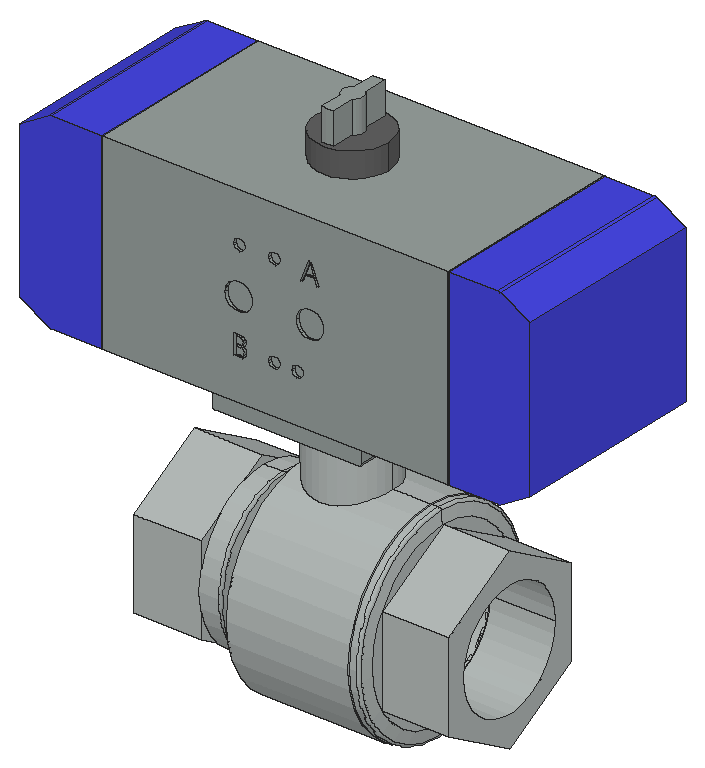
Revit family "QD34860000", category Apparecchi idraulici, Revit 2020
Family settings
  Quota connettore circolare = Usa diametro
  Tipo di parte = Normale
  Numero OmniClass = 23.45.00.00
  Titolo OmniClass = Sanitary, Laundry, and Cleaning Equipment
  Basato su piano di lavoro = No
  Sempre verticale = Sì
  Taglio con vuoti quando caricato = No
  Condiviso = No
  Punto di calcolo locali = No
Parameters
  URL = "https://web.cimberio.it/index.php/figura/1465?subcategoria_id=101"
  Temperatura di esercizio = "-20 ÷ 150°C"
  Prospetto di default = 0 mm
  Produttore = "CIMBERIO SPA"
  Pressione nominale = "PN 32"
  Modello = "Cim 871PDE006"
  Materiale = "Prodotto in lega di ottone conforme alla norma EN 12165-CW617N-DW"
  Descrizione = "Utilizzato nei più svariati settori dell'impiantistica: impianti di riscaldamento, condizionamento, idrici, igienico-sanitari, aria compressa e in generale con ogni fluido non corrosivo.\r\nParticolarmente indicato come valvola di zona per la regolazione e contabilizzazione di impianti di riscaldamento singoli o a zone, impianti con utilizzazione di energie alternative, impianti con fluidi caldi o freddi e impianti di automazione in genere."
  DN Model [instance] = QD34861040 : QD34861040
  DN [instance] = 40 mm
  Commenti sul tipo = "Realizzato in ottemperanza ai requisiti gestionali della norma EN ISO 9001.\r\nCollaudato al 100% secondo la normativa EN 12266-1"
Reference planes
  plane 1 "Centro (Fronte/Retro)": y = 0
  plane 2: z = 0
  plane 3 "Centro (Sinistra/Destra)": x = 0
Dimensions and locks
  aligned and locked: level to plane 2
Nested families
  nested 1: "QD34861040" at (0, 0, 0), type <- "DN Model", type "QD34861040"
  nested 2: "QD34861040" at (0, 0, 0), type <- "DN Model", type "QD34861040"
Connectors
  piping at (54, 0, 0), diameter 40, driven by "DN"
    settings: on nested 1, index 1, connector inside diameter 609.6 mm, connector length 0 mm, flow factor 0, pipe flow 0.0 L/s, pressure drop 0.0 Pa, fitting loss kfactor 0, connector angle 0.00°, fixture units 0, engagement length 0 mm, angle of deflection 0.00°, flow configuration 0, flow direction 0, fitting loss method 0, system type 7, joint type 0, gender type 0, connector reference index -1, connector utility 0, adjustable connector no, is connector primary yes, connector description ""
  piping at (-54, 0, 0), diameter 40, driven by "DN"
    settings: on nested 1, index 2, connector inside diameter 609.6 mm, connector length 0 mm, flow factor 0, pipe flow 0.0 L/s, pressure drop 0.0 Pa, fitting loss kfactor 0, connector angle 0.00°, fixture units 0, engagement length 0 mm, angle of deflection 0.00°, flow configuration 0, flow direction 0, fitting loss method 0, system type 7, joint type 0, gender type 0, connector reference index -1, connector utility 0, adjustable connector no, is connector primary no, connector description ""
Definition of nested family "QD34861040"
  Parameters (values of type "QD34861040")
    URL = "https://web.cimberio.it/index.php/figura/394?subcategoria_id="
    Temperatura di esercizio = "-10 ÷ 95°C"
    Default Elevation = 0 mm
    Manufacturer = "CIMBERIO SPA"
    Pressione nominale = "PN 16"
    Model = "Cim 32"
    Materiale = "Prodotto in lega di ottone conforme alla norma EN 12165-CW617N-DW"
    Description = "Impiegato nei più svariati settori dell'impiantistica in condutture anti-ritorno per: reti di distribuzione acqua potabile, impianti di riscaldamento, condizionamento, igienico-sanitari e in generale con ogni fluido non corrosivo."
    DN [instance] = 50 mm
    Type Comments = "Realizzato in ottemperanza ai requisiti gestionali della norma EN ISO 9001.\r\nCollaudato al 100% secondo la normativa EN 12266-1"
  Reference planes
    plane 1 "Centro (Fronte/Retro)": y = 0
    plane 2: z = 0
    plane 3 "Centro (Sinistra/Destra)": x = 0
  Forms (mm)
    Extrusion 1, solid
      sketch origin (0, 0, 43.8) x (1, 0, 0) y (0, 0, 1)
        loop
          line (-19.447, 41) -> (-19.447, 34.337)
          spline (-19.447, 34.337) -> (-19.438, 34.206) -> (-19.413, 34.078) -> (-19.371, 33.954) -> (-19.313, 33.837) -> (-19.24, 33.728) -> (-19.154, 33.63) -> (-19.056, 33.543) -> (-18.947, 33.471) -> (-18.83, 33.413) -> (-18.706, 33.371) -> (-18.578, 33.345) -> (-18.447, 33.337)
          line (-18.447, 33.337) -> (-15.923, 33.337) -> (16.973, 33.337) -> (18.447, 33.337)
          spline (18.447, 33.337) -> (18.578, 33.345) -> (18.706, 33.371) -> (18.83, 33.413) -> (18.947, 33.471) -> (19.056, 33.543) -> (19.154, 33.63) -> (19.24, 33.728) -> (19.313, 33.837) -> (19.371, 33.954) -> (19.413, 34.078) -> (19.438, 34.206) -> (19.447, 34.337)
          line (19.447, 34.337) -> (19.447, 41) -> (-19.447, 41)
      from 12 to -12
    Revolve 2, solid
      sketch origin (51.589, 0, -3.5) x (-1, 0, 0) y (0, 0, -1)
        loop
          line (82.189, 16.5) -> (82.189, 24) -> (75.632, 24)
          arc (75.632, 24) -> (74.484, 24.228) -> (73.51, 24.879) r 3
          line (73.51, 24.879) -> (66.389, 32) -> (24.589, 32) -> (24.589, 16.5) -> (82.189, 16.5)
        axis (82.189, -3.5) -> (24.589, -3.5)
      angle from 0 to 360
    Revolve 3, solid
      sketch origin (51.589, 0, -3.5) x (-1, 0, 0) y (0, 0, -1)
        loop
          line (20.371, 26.85) -> (20.371, 16.5) -> (24.589, 16.5) -> (24.589, 31.75) -> (22.074, 31.75)
          arc (22.074, 31.75) -> (21.431, 31.516) -> (21.089, 30.924) r 1
          line (21.089, 30.924) -> (20.371, 26.85)
        axis (24.589, -3.5) -> (20.371, -3.5)
      angle from 0 to 360
    Extrusion 4, solid
      sketch origin (-30.6, 0, 0) x (0, 1, 0) y (0, 0, -1)
        loop
          circle (0, 0) r 20
        loop
          line (0, -30.35) -> (26.284, -15.175) -> (26.284, 15.175) -> (0, 30.35) -> (-26.284, 15.175) -> (-26.284, -15.175) -> (0, -30.35)
      from 0 to 23.4
    Revolve 5, solid
      sketch origin (0, 0, 0) x (1, 0, 0) y (0, 0, 1)
        loop
          line (0, 62.195) -> (-14, 62.195) -> (-14, 20.882) -> (0, 20.882) -> (0, 62.195)
        axis (0, 62.195) -> (0, 20.882)
      angle from 0 to 360
    Extrusion 6, solid
      sketch origin (0, 0, 143.339) x (1, 0, 0) y (0, 1, 0)
        loop
          line (-59.387, 33.721) -> (-59.387, -33.279) -> (59.613, -33.279) -> (59.613, 33.721) -> (-59.387, 33.721)
      from -76.039 to -10.539
    Extrusion 7, solid
      sketch origin (0, 0, 35.8) x (1, 0, 0) y (0, 0, 1)
        loop
          line (-25.604, 41) -> (-25.604, 23.627)
          spline (-25.604, 23.627) -> (-25.595, 23.497) -> (-25.57, 23.369) -> (-25.528, 23.245) -> (-25.471, 23.128) -> (-25.399, 23.02) -> (-25.313, 22.922) -> (-25.215, 22.835) -> (-25.107, 22.763) -> (-24.99, 22.705) -> (-24.867, 22.662) -> (-24.74, 22.636) -> (-24.61, 22.627)
          line (-24.61, 22.627) -> (24.599, 22.627)
          spline (24.599, 22.627) -> (24.73, 22.635) -> (24.859, 22.66) -> (24.983, 22.702) -> (25.101, 22.759) -> (25.21, 22.832) -> (25.309, 22.918) -> (25.396, 23.016) -> (25.469, 23.125) -> (25.527, 23.243) -> (25.569, 23.367) -> (25.595, 23.496) -> (25.604, 23.627)
          line (25.604, 23.627) -> (25.604, 41) -> (-25.604, 41)
      from 28 to -33.067
    Extrusion 8, void
      sketch origin (35.5, -24.5, 143.964) x (1, 0, 0) y (0, 0, -1)
        loop
          line (-49.62, 62.638) -> (-49.62, 55.638) -> (-46.999, 55.638)
          arc (-46.999, 55.638) -> (-45.223, 56.862) -> (-45.734, 58.958) r 1.901
          arc (-45.734, 58.958) -> (-45.048, 61.248) -> (-46.992, 62.638) r 2.055
          line (-46.992, 62.638) -> (-49.62, 62.638)
        loop
          line (-48.633, 59.407) -> (-47.09, 59.407)
          arc (-47.09, 59.407) -> (-45.879, 60.619) -> (-47.09, 61.83) r 1.212
          line (-47.09, 61.83) -> (-48.633, 61.83) -> (-48.633, 59.407)
        loop
          line (-48.633, 56.445) -> (-47.299, 56.445)
          arc (-47.299, 56.445) -> (-46.222, 57.522) -> (-47.299, 58.599) r 1.077
          line (-47.299, 58.599) -> (-48.633, 58.599) -> (-48.633, 56.445)
        loop
          line (-23.79, 24.669) -> (-22.677, 24.669) -> (-19.897, 31.669) -> (-20.945, 31.669) -> (-21.741, 29.515) -> (-24.725, 29.515) -> (-25.522, 31.669) -> (-26.569, 31.669) -> (-23.79, 24.669)
        loop
          line (-22.039, 28.707) -> (-24.428, 28.707) -> (-23.233, 25.476) -> (-22.039, 28.707)
        loop
          circle (-47.5, 28.039) r 2
        loop
          circle (-35.5, 28.039) r 2
        loop
          circle (-47.75, 44.039) r 4.75
        loop
          circle (-23.25, 44.039) r 4.75
        loop
          circle (-35.5, 60.039) r 2
        loop
          circle (-27.5, 60.039) r 2
      from -7.858 to -10.081
    Extrusion 9, solid
      sketch origin (0, 0, 121.8) x (1, 0, 0) y (0, 1, 0)
        loop
          circle (0, 0) r 12.385
      from 11 to 19.5
    Extrusion 10, solid
      sketch origin (-0.106, 0.335, 121.8) x (-0.00652, -0.999979, 0) y (0.999979, -0.00652, 0)
        loop
          arc (2.986, 2.221) -> (0.113, 3.721) -> (-2.759, 2.221) r 3.5
          line (-2.759, 2.221) -> (-10.703, 2.221)
          arc (-10.703, 2.221) -> (-10.887, 0.221) -> (-10.703, -1.779) r 11
          line (-10.703, -1.779) -> (-2.759, -1.779)
          arc (-2.759, -1.779) -> (0.113, -3.279) -> (2.986, -1.779) r 3.5
          line (2.986, -1.779) -> (10.93, -1.779)
          arc (10.93, -1.779) -> (11.113, 0.221) -> (10.93, 2.221) r 11
          line (10.93, 2.221) -> (2.986, 2.221)
      from 30.35 to 19.5
    Extrusion 11, void
      sketch origin (-35.5, 24.5, 143.964) x (-1, 0, 0) y (0, 0, -1)
        loop
          line (-49.62, 62.638) -> (-49.62, 55.638) -> (-46.999, 55.638)
          arc (-46.999, 55.638) -> (-45.223, 56.862) -> (-45.734, 58.958) r 1.901
          arc (-45.734, 58.958) -> (-45.048, 61.248) -> (-46.992, 62.638) r 2.055
          line (-46.992, 62.638) -> (-49.62, 62.638)
        loop
          line (-48.633, 59.407) -> (-47.09, 59.407)
          arc (-47.09, 59.407) -> (-45.879, 60.619) -> (-47.09, 61.83) r 1.212
          line (-47.09, 61.83) -> (-48.633, 61.83) -> (-48.633, 59.407)
        loop
          line (-48.633, 56.445) -> (-47.299, 56.445)
          arc (-47.299, 56.445) -> (-46.222, 57.522) -> (-47.299, 58.599) r 1.077
          line (-47.299, 58.599) -> (-48.633, 58.599) -> (-48.633, 56.445)
        loop
          line (-23.79, 24.669) -> (-22.677, 24.669) -> (-19.897, 31.669) -> (-20.945, 31.669) -> (-21.741, 29.515) -> (-24.725, 29.515) -> (-25.522, 31.669) -> (-26.569, 31.669) -> (-23.79, 24.669)
        loop
          line (-22.039, 28.707) -> (-24.428, 28.707) -> (-23.233, 25.476) -> (-22.039, 28.707)
        loop
          circle (-47.5, 28.039) r 2
        loop
          circle (-35.5, 28.039) r 2
        loop
          circle (-47.75, 44.039) r 4.75
        loop
          circle (-23.25, 44.039) r 4.75
        loop
          circle (-35.5, 60.039) r 2
        loop
          circle (-27.5, 60.039) r 2
      from -10.971 to -8.567
    Extrusion 12, solid
      sketch origin (17.863, -30, 143.339) x (-1, 0, 0) y (0, 0, -1)
        loop
          line (95.396, 10.785) -> (105.363, 16.539) -> (105.363, 70.039) -> (95.45, 75.763)
          arc (95.45, 75.763) -> (94.952, 75.969) -> (94.418, 76.039) r 2.065
          line (94.418, 76.039) -> (77.25, 76.039) -> (77.25, 10.539) -> (94.48, 10.539)
          arc (94.48, 10.539) -> (94.954, 10.602) -> (95.396, 10.785) r 1.833
      from 3.279 to -63.721
    Extrusion 13, solid
      sketch origin (-17.863, -30, 143.339) x (1, 0, 0) y (0, 0, 1)
        loop
          arc (95.396, -10.785) -> (94.954, -10.602) -> (94.48, -10.539) r 1.833
          line (94.48, -10.539) -> (77.25, -10.539) -> (77.25, -76.039) -> (94.418, -76.039)
          arc (94.418, -76.039) -> (94.952, -75.969) -> (95.45, -75.763) r 2.065
          line (95.45, -75.763) -> (105.363, -70.039) -> (105.363, -16.539) -> (95.396, -10.785)
      from 3.279 to -63.721
    Extrusion 14, solid
      sketch origin (30.6, 0, 0) x (0, 1, 0) y (0, 0, 1)
        loop
          circle (0, 0) r 20
        loop
          line (0, 30.35) -> (-26.284, 15.175) -> (-26.284, -15.175) -> (0, -30.35) -> (26.284, -15.175) -> (26.284, 15.175) -> (0, 30.35)
      from 0 to 23.4
  Cuts and joins
    Extrusion 8, Extrusion 11 cuts Extrusion 6
  Dimensions and locks
    aligned and locked: level to plane 2
